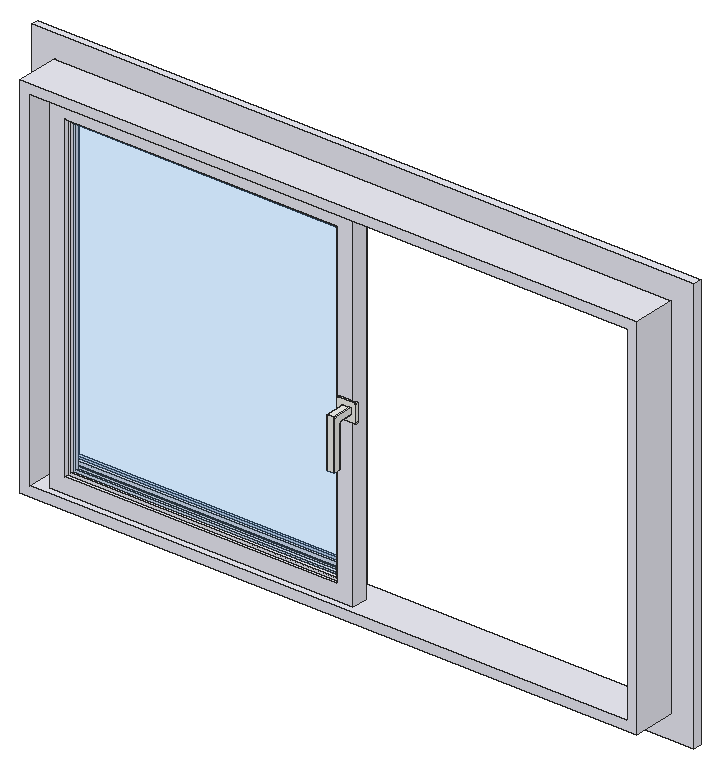
Revit family
Parameters (values of type "Janela correr 2fls 200x120 aberta")
  Vidro Janela = Vidro
  Montante Batente = 3 cm
  M Moldura Janela = yes
  M Alisar Janela1 = Janelas de correr
  Largura util = Width - Montante Batente * 2  # 194 cm
  Largura folha = Largura util / 2 + 1.5 cm  # 98.5 cm
  Guia puxador = Largura folha - 1.5 cm  # 97 cm
  Guia Janela = Largura folha - 4 cm - Abertura Janela / 2  # 4.5 cm
  GUia eixo janela = 4 cm
  Estrutura Janela = Janelas de correr
  Height = 120 cm
  Altura-padrão do peitoril = 90 cm
  ProjeçãoApara = 2.5 cm
  Wall Closure = (empty or 0)
  Width = 200 cm
  Abertura Janela = 180 cm
Types (7, lengths in cm): name | Largura util | Largura folha | Guia puxador | Guia Janela | Width | Abertura Janela
  (no name) | 194 | 98.5 | 97 | 4.5 | 200 | 180
  Janela correr 2fls 100x120 | 94 | 48.5 | 47 | 44.5 | 100 | 0
  Janela correr 2fls 100x120 aberta | 94 | 48.5 | 47 | 4.5 | 100 | 80
  Janela correr 2fls 150x120 | 144 | 73.5 | 72 | 69.5 | 150 | 0
  Janela correr 2fls 150x120 aberta | 144 | 73.5 | 72 | 4.5 | 150 | 130
  Janela correr 2fls 200x120 | 194 | 98.5 | 97 | 94.5 | 200 | 0
  Janela correr 2fls 200x120 aberta | 194 | 98.5 | 97 | 4.5 | 200 | 180
Reference planes (cm)
  plane 1 "Centro (Frente/Trás)": y = 0
  plane 2 "Centro (Esquerda/Direita)": x = 0
  plane 3 "Esquerda": x = -100
  plane 4 "Direita": x = 100
  plane 5 "Peitoril": z = 90
  plane 6 "Extremidade superior": z = 210
  plane 7 "Exterior": y = 7
  plane 8 "Interior": y = -7
  plane 9: z = 93
  plane 10: z = 207
Forms (cm)
  Extrusion 1, solid, material "Janelas de correr" <- "M Alisar Janela1", visible <- "M Moldura Janela"
    sketch origin (350, 7, 0) x (-1, 0, 0) y (0, 0, 1)
      loop
        line (250, 210) -> (250, 90) -> (450, 90) -> (450, 210) -> (250, 210)
      loop
        line (242.5, 217.5) -> (242.5, 82.5) -> (457.5, 82.5) -> (457.5, 217.5) -> (242.5, 217.5)
    from 0 to 2.5
  Extrusion 2, solid, material "Janelas de correr" <- "Estrutura Janela"
    sketch origin (0, -7, 0) x (1, 0, 0) y (0, 0, 1)
      loop
        line (-100, 210) -> (-100, 90) -> (100, 90) -> (100, 210) -> (-100, 210)
      loop
        line (-97, 207) -> (-97, 93) -> (97, 93) -> (97, 207) -> (-97, 207)
    from -14 to 0
  Sweep 3, solid, material "Janelas de correr" <- "Estrutura Janela"
    path origin (-120.82, 4, 0) x (1, 0, 0) y (0, 0, 1)
      loop
        line (23.82, 207) -> (23.82, 93) -> (122.32, 93) -> (122.32, 207) -> (23.82, 207)
    profile "Perfil folha : Perfil 4x5 com baguete" origin (-47.75, 4, 207) x (0, 0, 1) y (0, -1, 0)
      loop
        line (0, 2.5) -> (-5, 2.5) -> (-5, 1.5) -> (-6, 1.5) -> (-6, 0.5) -> (-5, 0.5) -> (-5, -0.5) -> (-6, -0.5) -> (-6, -1.5) -> (-5, -1.5) -> (-5, -2.5) -> (0, -2.5) -> (0, 2.5)
  Extrusion 4, solid, material "Vidro" <- "Vidro Janela"
    sketch origin (0, 7, 0) x (1, 0, 0) y (0, 0, 1)
      loop
        line (-3.5, 202) -> (-92, 202) -> (-92, 98) -> (-3.5, 98) -> (-3.5, 202)
    from 2.5 to 3.5
  Sweep 5, solid, material "Janelas de correr" <- "Estrutura Janela"
    path origin (-68.82, -2, 0) x (1, 0, 0) y (0, 0, 1)
      loop
        line (-23.68, 207) -> (-23.68, 93) -> (74.82, 93) -> (74.82, 207) -> (-23.68, 207)
    profile "Perfil folha : Perfil 4x5 com baguete" origin (-43.25, -2, 207) x (0, 0, 1) y (0, -1, 0)
      loop
        line (0, 2.5) -> (-5, 2.5) -> (-5, 1.5) -> (-6, 1.5) -> (-6, 0.5) -> (-5, 0.5) -> (-5, -0.5) -> (-6, -0.5) -> (-6, -1.5) -> (-5, -1.5) -> (-5, -2.5) -> (0, -2.5) -> (0, 2.5)
  Extrusion 6, solid, material "Vidro" <- "Vidro Janela"
    sketch origin (0, -10, 0) x (1, 0, 0) y (0, 0, 1)
      loop
        line (1, 202) -> (-87.5, 202) -> (-87.5, 98) -> (1, 98) -> (1, 202)
    from -8.5 to -7.5
Lines and regions (cm)
  Opening 1
    outline origin (350, -7, 0) x (1, 0, 0) y (0, 0, 1)
      loop
        line (-250, 90) -> (-250, 210) -> (-450, 210) -> (-450, 90) -> (-250, 90)
  reference lines
    curve 1: line (-97, -7, 221.2043) -> (-97, -7, 77.2043)
    curve 2: line (97, -7, 221.2043) -> (97, -7, 77.2043)
    curve 3: line (-120.82, 4, 0) -> (227.18, 4, 0)
    curve 4: line (-120.82, -2, 0) -> (227.18, -2, 0)
    curve 5: line (227.18, -8, 0) -> (-120.82, -8, 0)
    curve 6: line (-97, 18.34, 0) -> (-97, -35.66, 0)
    curve 7: line (-92.5, -7, 215.8342) -> (-92.5, -7, 77.2043)
    curve 8: line (92.5, -7, 215.8342) -> (92.5, -7, 77.2043)
    curve 9: line (-41.8256, -7, 150) -> (126.1744, -7, 150)
    curve 49: line (4.5, -7, 233.3258) -> (4.5, -7, 71.3258)
  symbolic lines
    curve 10: line (-92.5, 0.5, 0) -> (-92.5, -4.5, 0)
    curve 11: line (-87.5, -0.5, 0) -> (-87.5, 0.5, 0)
    curve 12: line (-86.5, -1.5, 0) -> (-86.5, -0.5, 0)
    curve 13: line (-87.5, -1.5, 0) -> (-87.5, -2.5, 0)
    curve 14: line (-86.5, -3.5, 0) -> (-86.5, -2.5, 0)
    curve 15: line (-87.5, -4.5, 0) -> (-87.5, -3.5, 0)
    curve 16: line (-92.5, -4.5, 0) -> (6, -4.5, 0)
    curve 17: line (-87.5, -3.5, 0) -> (1, -3.5, 0)
    curve 18: line (-87.5, -2.5, 0) -> (1, -2.5, 0)
    curve 19: line (1, -1.5, 0) -> (-87.5, -1.5, 0)
    curve 20: line (1, -0.5, 0) -> (-87.5, -0.5, 0)
    curve 21: line (6, 0.5, 0) -> (-92.5, 0.5, 0)
    curve 22: line (1, 0.5, 0) -> (1, -0.5, 0)
    curve 23: line (0, -0.5, 0) -> (0, -1.5, 0)
    curve 24: line (1, -2.5, 0) -> (1, -1.5, 0)
    curve 25: line (0, -2.5, 0) -> (0, -3.5, 0)
    curve 26: line (1, -3.5, 0) -> (1, -4.5, 0)
    curve 27: line (6, -4.5, 0) -> (6, 0.5, 0)
    curve 28: line (1.5, 1.5, 0) -> (1.5, 6.5, 0)
    curve 29: line (-3.5, 6.5, 0) -> (-3.5, 5.5, 0)
    curve 30: line (-4.5, 5.5, 0) -> (-4.5, 4.5, 0)
    curve 31: line (-3.5, 2.5, 0) -> (-3.5, 1.5, 0)
    curve 32: line (-4.5, 3.5, 0) -> (-4.5, 2.5, 0)
    curve 33: line (-3.5, 3.5, 0) -> (-3.5, 4.5, 0)
    curve 34: line (-3.5, 5.5, 0) -> (-92, 5.5, 0)
    curve 35: line (-3.5, 4.5, 0) -> (-92, 4.5, 0)
    curve 36: line (-92, 3.5, 0) -> (-3.5, 3.5, 0)
    curve 37: line (-92, 2.5, 0) -> (-3.5, 2.5, 0)
    curve 38: line (-92, 5.5, 0) -> (-92, 6.5, 0)
    curve 39: line (-91, 4.5, 0) -> (-91, 5.5, 0)
    curve 40: line (-91, 2.5, 0) -> (-91, 3.5, 0)
    curve 41: line (-92, 4.5, 0) -> (-92, 3.5, 0)
    curve 42: line (-92, 1.5, 0) -> (-92, 2.5, 0)
    curve 43: line (-97, 1.5, 0) -> (1.5, 1.5, 0)
    curve 44: line (1.5, 6.5, 0) -> (-97, 6.5, 0)
    curve 45: line (-97, -7, 0) -> (-97, 7, 0)
    curve 46: line (100, -7, 0) -> (100, 7, 0)
    curve 47: line (97, 7, 0) -> (97, -7, 0)
    curve 48: line (-100, 7, 0) -> (-100, -7, 0)
Text (cm)
  text "EXTERIOR" at (-198.1535, 86.3181, 0), in view "Nível de referência"
  text "INTERIOR" at (-201.7992, -70.7606, 0), in view "Nível de referência"
  text "Exterior" at (0, 92.3751, 294.3296), in view "Direita"
  text "Exterior" at (0, 101.9841, 278.8626), in view "Esquerda"
Dimensions and locks (cm)
  equal spacing: plane 3 "Esquerda", plane 2 "Centro (Esquerda/Direita)", plane 4 "Direita"
  "Width": plane 3 "Esquerda" to plane 4 "Direita"
  "Height": plane 5 "Peitoril" to plane 6 "Extremidade superior"
  "Altura-padrão do peitoril": plane 5 "Peitoril" to level
  "ProjeçãoApara": Extrusion 1 to host wall
  locked: plane 7 "Exterior" to host wall
  locked: plane 8 "Interior" to host wall
  "Montante Batente": plane 9 to plane 5 "Peitoril"
  "Montante Batente": plane 6 "Extremidade superior" to plane 10
  "Montante Batente": plane 3 "Esquerda" to curve 1
  "Montante Batente": curve 2 to plane 4 "Direita"
  "Largura folha": Sweep 3 sketch curve to Extrusion 2
  locked: curve 4 to curve 3 at 6
  "Montante Batente": plane 3 "Esquerda" to curve 6
  "Guia Janela": curve 1 to curve 7
  "Largura folha": Sweep 5 sketch curve to Sweep 5 sketch curve
  "Guia Janela": curve 8 to curve 2
  locked: curve 4 to curve 5 at 6
  "GUia eixo janela": host wall to curve 3
  equal spacing: plane 6 "Extremidade superior", curve 9, plane 5 "Peitoril", locked at 60 each
  "Guia puxador": curve 7 to curve 49
  aligned and locked: plane 6 "Extremidade superior" to Extrusion 2 sketch curve
  aligned and locked: Extrusion 2 sketch curve to plane 5 "Peitoril"
  aligned and locked: plane 4 "Direita" to Extrusion 2 sketch curve
  aligned and locked: Extrusion 2 sketch curve to plane 3 "Esquerda"
  aligned and locked: Extrusion 2 sketch curve to plane 10
  aligned and locked: curve 2 to Extrusion 2 sketch curve
  aligned and locked: Extrusion 2 sketch curve to curve 1
  aligned and locked: plane 9 to Extrusion 2 sketch curve
  aligned and locked: Extrusion 2 to host wall
  aligned and locked: host wall to Extrusion 2
  aligned and locked: Sweep 3 sketch curve to plane 10
  aligned and locked: Sweep 3 sketch curve to curve 1
  aligned and locked: plane 9 to Sweep 3 sketch curve
  aligned and locked: Sweep 3 to Extrusion 4 sketch curve  (x3)
  aligned and locked: Extrusion 4 sketch curve to Sweep 3
  aligned and locked: Extrusion 4 to Sweep 3  (x2)
  aligned and locked: Sweep 5 to Extrusion 6 sketch curve  (x2)
  aligned and locked: Extrusion 6 sketch curve to Sweep 5  (x2)
  aligned and locked: Extrusion 6 to Sweep 5  (x2)
  aligned and locked: Sweep 5 sketch curve to curve 7
  aligned and locked: Sweep 5 sketch curve to plane 9
  aligned and locked: plane 10 to Sweep 5 sketch curve
  aligned and locked: nested 1 to curve 9
  aligned and locked: curve 10 to Sweep 5
  aligned and locked: curve 11 to Sweep 5
  aligned and locked: curve 12 to Sweep 5
  aligned and locked: curve 13 to Extrusion 6
  aligned and locked: curve 14 to Sweep 5
  aligned and locked: curve 15 to Sweep 5
  aligned and locked: curve 16 to Sweep 5
  aligned and locked: curve 17 to Sweep 5
  aligned and locked: curve 18 to Extrusion 6
  aligned and locked: curve 19 to Extrusion 6
  aligned and locked: curve 20 to Sweep 5
  aligned and locked: curve 21 to Sweep 5
  aligned and locked: curve 22 to Sweep 5
  aligned and locked: curve 23 to Sweep 5
  aligned and locked: curve 24 to Extrusion 6
  aligned and locked: curve 25 to Sweep 5
  aligned and locked: curve 26 to Sweep 5
  aligned and locked: curve 27 to Sweep 5
  aligned and locked: curve 28 to Sweep 3
  aligned and locked: curve 29 to Sweep 3
  aligned and locked: curve 30 to Sweep 3
  aligned and locked: curve 31 to Sweep 3
  aligned and locked: curve 32 to Sweep 3
  aligned and locked: curve 33 to Extrusion 4
  aligned and locked: curve 34 to Sweep 3
  aligned and locked: curve 35 to Extrusion 4
  aligned and locked: curve 36 to Extrusion 4
  aligned and locked: curve 37 to Sweep 3
  aligned and locked: curve 38 to Sweep 3
  aligned and locked: curve 39 to Sweep 3
  aligned and locked: curve 40 to Sweep 3
  aligned and locked: curve 41 to Extrusion 4
  aligned and locked: curve 42 to Sweep 3
  aligned and locked: curve 43 to Sweep 3
  aligned and locked: curve 44 to Sweep 3
  aligned and locked: curve 45 to Extrusion 2
  aligned and locked: curve 46 to Extrusion 2
  aligned and locked: curve 47 to Extrusion 2
  aligned and locked: curve 48 to Extrusion 2
  aligned and locked: Sweep 5 to nested 1
  aligned and locked: nested 1 to curve 49
Automatic sketch dimensions
  plane 3 "Esquerda" to Opening 1 sketch curve = 0 cm
  plane 4 "Direita" to Opening 1 sketch curve = 0 cm
  Opening 1 sketch curve to plane 5 "Peitoril" = 0 cm
  Opening 1 sketch curve to plane 6 "Extremidade superior" = 0 cm
  plane 4 "Direita" to Extrusion 1 sketch curve = 0 cm
  plane 3 "Esquerda" to Extrusion 1 sketch curve = 0 cm
  Extrusion 1 sketch curve to plane 5 "Peitoril" = 0 cm
  Extrusion 1 sketch curve to plane 6 "Extremidade superior" = 0 cm
  Extrusion 1 sketch curve to plane 4 "Direita" = 7.5 cm
  plane 3 "Esquerda" to Extrusion 1 sketch curve = 7.5 cm
  plane 5 "Peitoril" to Extrusion 1 sketch curve = 7.5 cm
  Extrusion 1 sketch curve to plane 6 "Extremidade superior" = 7.5 cm
  plane 3 "Esquerda" to curve 3 = 20.82 cm
  curve 4 to curve 3 = 0 cm
  curve 5 to curve 4 = 0 cm
  curve 5 to plane 4 "Direita" = 127.18 cm
  curve 4 to curve 5 = 0 cm
  curve 3 to curve 4 = 0 cm
  host wall to curve 6 = 28.66 cm
  host wall to curve 6 = 11.34 cm
  curve 12 to curve 11 = 1 cm
  curve 13 to curve 14 = 1 cm
  curve 14 to curve 13 = 1 cm
  curve 20 to curve 19 = 0 cm
  curve 30 to curve 29 = 1 cm
  curve 30 to curve 31 = 1 cm
  curve 32 to curve 30 = 1 cm
  curve 30 to curve 33 = 1 cm
  curve 35 to curve 34 = 0 cm
  host wall to curve 45 = 0 cm
  curve 45 to host wall = 0 cm
  host wall to curve 46 = 0 cm
  curve 46 to host wall = 0 cm
  host wall to curve 47 = 0 cm
  curve 47 to host wall = 0 cm
  host wall to curve 48 = 0 cm
  curve 48 to host wall = 0 cm
  curve 49 to plane 6 "Extremidade superior" = 23.3258 cm
  curve 9 to plane 2 "Centro (Esquerda/Direita)" = 41.8256 cm
  curve 9 to plane 4 "Direita" = 26.1744 cm
  plane 5 "Peitoril" to curve 49 = 18.6742 cm
  plane 5 "Peitoril" to curve 1 = 12.7957 cm
  plane 5 "Peitoril" to curve 2 = 12.7957 cm
  curve 8 to curve 2 = 0 cm
  curve 7 to curve 1 = 0 cm
  curve 7 to plane 6 "Extremidade superior" = 5.8342 cm
  curve 8 to plane 6 "Extremidade superior" = 5.8342 cm
  curve 8 to curve 2 = 5.37 cm
  curve 7 to curve 1 = 5.37 cm
Nested families (cm)
  nested 1: "Puxador - Macaneta" at (4.5, -4.5, 150), type "c fechadura"
Definition of nested family "Puxador - Macaneta"
  Parameters (values of type "c fechadura")
    c fechadura = yes
    URL = "www.cesarita.com"
    Type Comments = "100% Paramétrico"
    Puxador = Porta - Puxador
    Manufacturer = "CESARITA"
    Assembly Code = ""
  Reference planes (cm)
    plane 1 "Centro (Frente/Tardoz)": y = 0
    plane 2 "Centro (Elevação)": z = 0
    plane 3 "Centro (Esquerda/Direita)": x = 0
    plane 4: y = -0.8
    plane 5: y = -6
    plane 6: z = -9
  Forms (cm)
    Extrusion 1, solid, material "Porta - Puxador" <- "Puxador"
      sketch origin (0, 0, 0) x (1, 0, 0) y (0, 0, 1)
        loop
          line (2.7471, 3) -> (-2.7471, 3)
          arc (-2.7471, 3) -> (-2.9239, 2.9268) -> (-2.9971, 2.75) r 0.25
          line (-2.9971, 2.75) -> (-2.9971, -2.75)
          arc (-2.9971, -2.75) -> (-2.9239, -2.9268) -> (-2.7471, -3) r 0.25
          line (-2.7471, -3) -> (2.7471, -3)
          arc (2.7471, -3) -> (2.9239, -2.9268) -> (2.9971, -2.75) r 0.25
          line (2.9971, -2.75) -> (2.9971, 2.75)
          arc (2.9971, 2.75) -> (2.9239, 2.9268) -> (2.7471, 3) r 0.25
      from 0 to 0.8
    Sweep 2, solid, material "Porta - Puxador" <- "Puxador"
      path origin (0, 0, 0) x (0, 0, -1) y (0, 1, 0)
        loop
          line (0, -0.8) -> (0, -6) -> (15, -6)
      profile origin (0, -3.4, 0) x (0, 0, -1) y (1, 0, 0)
        loop
          arc (-1, 1.25) -> (-1.1768, 1.1768) -> (-1.25, 1) r 0.25
          line (-1.25, 1) -> (-1.25, -1)
          arc (-1.25, -1) -> (-1.1768, -1.1768) -> (-1, -1.25) r 0.25
          line (-1, -1.25) -> (1, -1.25)
          arc (1, -1.25) -> (1.1768, -1.1768) -> (1.25, -1) r 0.25
          line (1.25, -1) -> (1.25, 1)
          arc (1.25, 1) -> (1.1768, 1.1768) -> (1, 1.25) r 0.25
          line (1, 1.25) -> (-1, 1.25)
  Dimensions and locks (cm)
    aligned and locked: Extrusion 1 to plane 4
